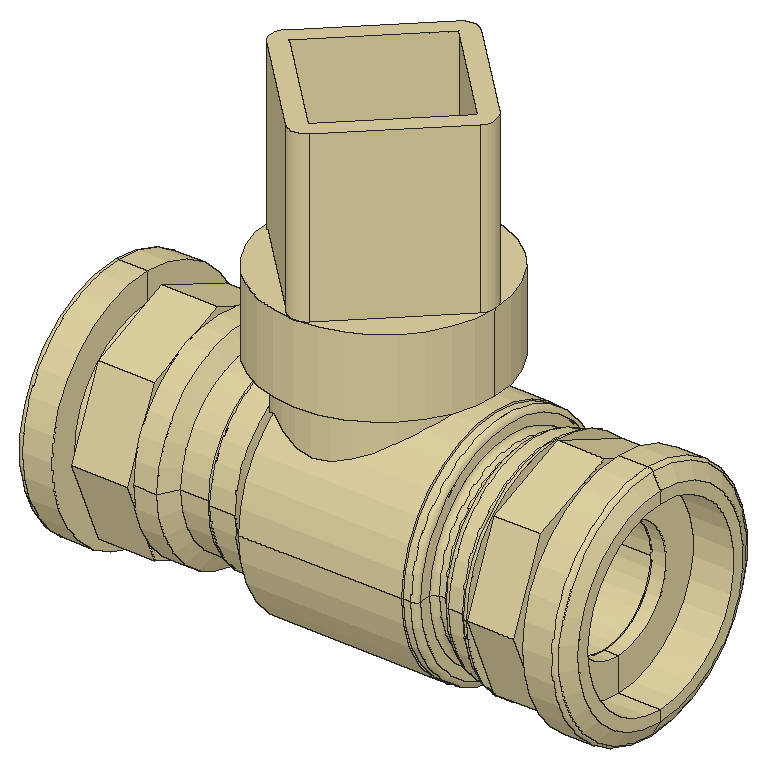
Revit family "CIM_2155CRSX", category Apparecchi idraulici, Revit 2020
Family settings
  Quota connettore circolare = Usa diametro
  Tipo di parte = Normale
  Numero OmniClass = 23.45.00.00
  Titolo OmniClass = Sanitary, Laundry, and Cleaning Equipment
  Basato su piano di lavoro = No
  Sempre verticale = Sì
  Taglio con vuoti quando caricato = No
  Condiviso = No
  Punto di calcolo locali = No
Parameters
  URL = "https://web.cimberio.com/index.php/figura/1522?subcategoria_id=54200"
  Temperatura di esercizio = "-10 ÷ 90°C"
  Prospetto di default = 0 mm
  Produttore = "CIMBERIO SPA"
  Pressione nominale = "PN 16"
  Modello = "Cim 2155CRSX"
  Materiale = "Prodotto in lega di ottone “CR” – “DZR” conforme alla norma EN 12165-CW602N-M"
  Descrizione = "Realizzato in ottemperanza ai requisiti gestionali della norma EN ISO 9001.\r\nUtilizzato per la regolazione della temperatura degli ambienti e comandare apparecchi degli impianti di riscaldamento e condizionamento."
  DN Model [instance] = QS05535100 : QS05535100
  DN [instance] = 33 mm
  Commenti sul tipo = "Utilizzato nei più svariati settori dell'impiantistica: reti di distribuzione acqua potabile, impianti di riscaldamento, condizionamento, igienico-sanitari e in generale con ogni fluido non corrosivo"
Reference planes
  plane 1 "Centro (Fronte/Retro)": y = 0
  plane 2: z = 0
  plane 3 "Centro (Sinistra/Destra)": x = 0
Dimensions and locks
  aligned and locked: level to plane 2
Nested families
  nested 1: "QS05535100" at (0, 0, 0), type <- "DN Model", type "QS05535100"
  nested 2: "QS05535100" at (0, 0, 0), type <- "DN Model", type "QS05535100"
  nested 3: "QS05535100" at (0, 0, 0), type <- "DN Model", type "QS05535100"
Connectors
  piping at (49.597, 0, 0), diameter 33, driven by "DN"
    settings: on nested 1, index 1, connector inside diameter 609.6 mm, connector length 0 mm, flow factor 0, pipe flow 0.0 L/s, pressure drop 0.0 Pa, fitting loss kfactor 0, connector angle 0.00°, fixture units 0, engagement length 0 mm, angle of deflection 0.00°, flow configuration 0, flow direction 0, fitting loss method 0, system type 7, joint type 0, gender type 0, connector reference index -1, connector utility 0, adjustable connector no, is connector primary yes, connector description ""
  piping at (-49.597, 0, 0), diameter 33, driven by "DN"
    settings: on nested 1, index 2, connector inside diameter 609.6 mm, connector length 0 mm, flow factor 0, pipe flow 0.0 L/s, pressure drop 0.0 Pa, fitting loss kfactor 0, connector angle 0.00°, fixture units 0, engagement length 0 mm, angle of deflection 0.00°, flow configuration 0, flow direction 0, fitting loss method 0, system type 7, joint type 0, gender type 0, connector reference index -1, connector utility 0, adjustable connector no, is connector primary no, connector description ""
Definition of nested family "QS05535100"
  Parameters (values of type "QS05535100")
    URL = ""
    Default Elevation = 0 mm
    Manufacturer = "CIMBERIO SPA"
    Pressione nominale = ""
    Model = "QS05535098"
    Description = ""
    Type Comments = ""
  Reference planes
    plane 1 "Centro (Fronte/Retro)": y = 0
    plane 2: z = 0
    plane 3 "Centro (Sinistra/Destra)": x = 0
  Forms (mm)
    Revolve 1, solid
      sketch origin (0, 0, 0) x (1, 0, 0) y (0, 1, 0)
        loop
          line (-25.232, 19) -> (-29.5, 19) -> (-29.5, 10.5) -> (-18, 10.5) -> (-18, 16) -> (-23.5, 16) -> (-25.232, 19)
        axis (-29.5, 0) -> (-18, 0)
      angle from 0 to 360
    Revolve 2, solid
      sketch origin (0, 0, 0) x (1, 0, 0) y (0, 1, 0)
        loop
          line (-18, 10.5) -> (20.1, 10.5) -> (20.1, 21) -> (-9, 21) -> (-13, 17) -> (-17.383, 17)
          arc (-17.383, 17) -> (-17.759, 16.833) -> (-18, 16.5) r 0.79
          line (-18, 16.5) -> (-18, 10.5)
        axis (-18, 0) -> (20.1, 0)
      angle from 0 to 360
    Revolve 3, solid
      sketch origin (0, 0, 0) x (1, 0, 0) y (0, 1, 0)
        loop
          line (20.1, 10.5) -> (31.043, 10.5) -> (31.043, 20.15)
          arc (31.043, 20.15) -> (30.504, 19.982) -> (30.129, 19.56) r 1.051
          arc (30.129, 19.56) -> (29.761, 19.152) -> (29.233, 19) r 0.997
          line (29.233, 19) -> (26.943, 19)
          arc (26.943, 19) -> (26.445, 18.864) -> (26.077, 18.5) r 1.017
          line (26.077, 18.5) -> (25.5, 17.522)
          arc (25.5, 17.522) -> (25.139, 17.141) -> (24.634, 17.001) r 0.981
          line (24.634, 17.001) -> (23.6, 17.001)
          arc (23.6, 17.001) -> (22.893, 17.294) -> (22.6, 18.001) r 1
          line (22.6, 18.001) -> (22.6, 19.8)
          arc (22.6, 19.8) -> (22.307, 20.507) -> (21.6, 20.8) r 1
          line (21.6, 20.8) -> (20.1, 20.8) -> (20.1, 10.5)
        axis (31.043, 0) -> (20.1, 0)
      angle from 0 to 360
    Extrusion 4, solid
      sketch origin (0, 0, 0) x (0, 1, 0) y (0, 0, 1)
        loop
          circle (0, 0) r 10.5
        loop
          line (-20.15, 0) -> (-14.248, -14.248) -> (0, -20.15) -> (14.248, -14.248) -> (20.15, 0) -> (14.248, 14.248) -> (0, 20.15) -> (-14.248, 14.248) -> (-20.15, 0)
      from -39.5 to -29.5
    Extrusion 5, solid
      sketch origin (0, 0, 0) x (0, 1, 0) y (0, 0, -1)
        loop
          circle (0, 0) r 10.5
        loop
          line (-20.15, 0) -> (-14.248, -14.248) -> (0, -20.15) -> (14.248, -14.248) -> (20.15, 0) -> (14.248, 14.248) -> (0, 20.15) -> (-14.248, 14.248) -> (-20.15, 0)
      from -39.5 to -31.043
    Revolve 6, solid
      sketch origin (0, 0, 0) x (1, 0, 0) y (0, 0, 1)
        loop
          line (-42.097, 16.5) -> (-42.097, 21.5) -> (-47.288, 21.5)
          arc (-47.288, 21.5) -> (-47.788, 21.366) -> (-48.154, 21) r 1
          line (-48.154, 21) -> (-49.597, 18.5) -> (-49.597, 16.5) -> (-42.097, 16.5)
        axis (-49.597, 0) -> (-42.097, 0)
      angle from 0 to 360
    Revolve 7, solid
      sketch origin (0, 0, 0) x (1, 0, 0) y (0, 0, 1)
        loop
          line (-42.097, 16.5) -> (-42.097, 10.5) -> (-39.5, 10.5) -> (-39.5, 16.5) -> (-42.097, 16.5)
        axis (-42.097, 0) -> (-39.5, 0)
      angle from 0 to 360
    Revolve 8, solid
      sketch origin (0, 0, 0) x (-1, 0, 0) y (0, 0, -1)
        loop
          line (-42.097, -16.5) -> (-39.5, -16.5) -> (-39.5, -10.5) -> (-42.097, -10.5) -> (-42.097, -16.5)
        axis (-42.097, 0) -> (-39.5, 0)
      angle from 0 to 360
    Revolve 9, solid
      sketch origin (0, 0, 0) x (1, 0, 0) y (0, 0, 1)
        loop
          line (20, 23.3) -> (20, 37.3) -> (0, 37.3) -> (0, 11.462) -> (16, 11.462) -> (16, 23.3) -> (20, 23.3)
        axis (0, 37.3) -> (0, 11.462)
      angle from 0 to 360
    Extrusion 10, solid
      sketch origin (0, 0, 0) x (1, 0, 0) y (0, 1, 0)
        loop
          line (-2.12, 19.045) -> (-19.045, 2.12)
          arc (-19.045, 2.12) -> (-19.923, 0) -> (-19.045, -2.12) r 2.998
          line (-19.045, -2.12) -> (-2.12, -19.045)
          arc (-2.12, -19.045) -> (0, -19.923) -> (2.12, -19.045) r 2.998
          line (2.12, -19.045) -> (19.045, -2.119)
          arc (19.045, -2.119) -> (19.923, 0) -> (19.045, 2.12) r 2.997
          line (19.045, 2.12) -> (2.119, 19.045)
          arc (2.119, 19.045) -> (0, 19.922) -> (-2.12, 19.045) r 2.998
        loop
          line (0, 16.971) -> (-16.971, 0) -> (0, -16.971) -> (16.971, 0) -> (0, 16.971)
      from 37.216 to 67.3
    Revolve 11, solid
      sketch origin (0, 0, 0) x (-1, 0, 0) y (0, 0, -1)
        loop
          line (-42.097, -16.5) -> (-49.597, -16.5) -> (-49.597, -18.5) -> (-48.154, -21)
          arc (-48.154, -21) -> (-47.788, -21.366) -> (-47.288, -21.5) r 1
          line (-47.288, -21.5) -> (-42.097, -21.5) -> (-42.097, -16.5)
        axis (-49.597, 0) -> (-42.097, 0)
      angle from 0 to 360
  Dimensions and locks
    aligned and locked: level to plane 2
